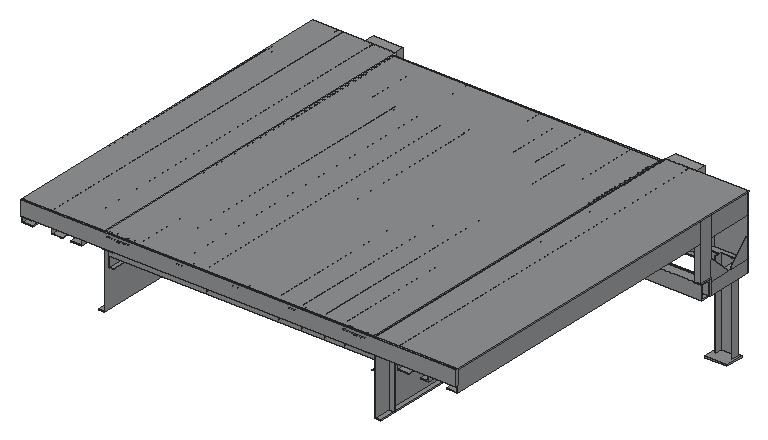
Revit family "ASSA_ABLOY_DockLeveler_DL6120TA", category Generic Models, Revit 2019 (continued)
Definition of nested family "DL6120TA_LevelerTop"
  Dimensions and locks
    "StrengthenerHeight": Sweep 25 sketch curve to curve 1
    Sweep 21 sketch curve to Sweep 21 sketch curve = 60 mm  (x8)
    "ReinforcementThickness": Sweep 21 sketch curve to Sweep 21 sketch curve  (x14)
    Sweep 21 sketch curve to Sweep 21 sketch curve = 2.61 mm
    Sweep 21 sketch curve to Sweep 21 sketch curve = 3 mm
    Sweep 22 sketch curve to Sweep 22 sketch curve = 60 mm  (x2)
    "ReinforcementThickness": Sweep 22 sketch curve to Sweep 22 sketch curve  (x4)
    locked: plane 4 "R" to plane 46 at 1
    locked: plane 47 to plane 5 "L" at 1
    locked: plane 48 to plane 5 "L" at 2
    locked: plane 4 "R" to plane 49 at 2
    locked: Extrusion 28 sketch curve to Extrusion 28 sketch curve at 129.568
    locked: Extrusion 28 sketch curve to Extrusion 28 sketch curve at 129
    Extrusion 28 sketch curve to Extrusion 28 sketch curve = 4 mm
    "Belvelment": Extrusion 28 sketch curve to Extrusion 28 sketch curve
    locked: Extrusion 28 sketch curve to Extrusion 28 sketch curve at 268
    locked: Extrusion 28 sketch curve to Extrusion 28 sketch curve at 13  (x2)
    locked: plane 50 "TearPlateLip500R" to plane 4 "R" at 17.5
    locked: plane 5 "L" to plane 51 "TearPlateLip500L" at 17.5
    "TearPlateThickness": curve 1 to Extrusion 29 sketch curve
    Extrusion 29 sketch curve to Extrusion 29 sketch curve = 250 mm
    Extrusion 29 sketch curve to Extrusion 29 sketch curve = 8 mm
    locked: Extrusion 30 sketch curve to Extrusion 30 sketch curve at 100  (x2)
    locked: Extrusion 30 sketch curve to Extrusion 30 sketch curve at 10  (x2)
    locked: plane 52 to plane 4 "R" at 77.5
    locked: plane 5 "L" to plane 53 at 77.5
    "LipSupportLength": Sweep 31 sketch curve to Sweep 31 sketch curve
    locked: Sweep 31 sketch curve to Extrusion 29 at 100
    Sweep 31 sketch curve to Sweep 31 sketch curve = 100 mm  (x4)
    equal spacing: Sweep 31 sketch curve, Sweep 31 sketch curve, Sweep 31 sketch curve, Sweep 31 sketch curve  (x6)
    Sweep 31 sketch curve to Sweep 31 sketch curve = 10 mm  (x4)
    Sweep 31 sketch curve to Sweep 31 sketch curve = 80 mm  (x2)
    Sweep 31 sketch curve to Sweep 31 sketch curve to Sweep 31 sketch curve to Sweep 31 sketch curve = 10 mm, 80 mm, 10 mm
    plane 50 "TearPlateLip500R" to plane 51 "TearPlateLip500L" = 1965 mm
    Sweep 31 sketch curve to plane 51 "TearPlateLip500L" = 10 mm  (x2)
    Sweep 31 sketch curve to plane 50 "TearPlateLip500R" = 10 mm  (x2)
    locked: Sweep 32 sketch curve to Sweep 32 sketch curve at 500
    locked: plane 54 to plane 3 "Center (Left/Right)" at 100
    locked: plane 3 "Center (Left/Right)" to plane 55 at 100
    "R2Lip": plane 56 "R2LIPR" to plane 3 "Center (Left/Right)"
    "R2Lip": plane 3 "Center (Left/Right)" to plane 57 "R2LIPL"
    "R3Lip": plane 58 "R3LIPR" to plane 3 "Center (Left/Right)"
    "R3Lip": plane 3 "Center (Left/Right)" to plane 59 "R3LIPL"
    "R4Lip": plane 60 "R4LIPR" to plane 3 "Center (Left/Right)"
    "R4Lip": plane 3 "Center (Left/Right)" to plane 61 "R4LIPL"
    Sweep 31 sketch curve to Sweep 31 sketch curve = 5 mm  (x8)
    equal spacing: Sweep 31 sketch curve, Sweep 31 sketch curve, Sweep 31 sketch curve  (x3)
    Sweep 31 sketch curve to Sweep 31 sketch curve to Sweep 31 sketch curve = 5 mm, 45 mm
    Sweep 31 sketch curve to Sweep 31 sketch curve to Sweep 31 sketch curve = 45 mm, 5 mm
    Sweep 31 sketch curve to Sweep 31 sketch curve to Sweep 31 sketch curve to Sweep 31 sketch curve = 5 mm, 90 mm, 5 mm  (x3)
    Sweep 31 sketch curve to Sweep 31 sketch curve = 90 mm
    Sweep 31 sketch curve to plane 56 "R2LIPR" to Sweep 31 sketch curve = 27.5 mm, 27.5 mm  (x2)
    Sweep 31 sketch curve to Sweep 31 sketch curve to Sweep 31 sketch curve = 5 mm, 90 mm  (x4)
    Sweep 31 sketch curve to Sweep 31 sketch curve to Sweep 31 sketch curve = 90 mm, 5 mm
    Sweep 31 sketch curve to plane 58 "R3LIPR" to Sweep 31 sketch curve = 27.5 mm, 27.5 mm  (x2)
    Sweep 31 sketch curve to plane 60 "R4LIPR" to Sweep 31 sketch curve = 27.5 mm, 27.5 mm  (x2)
    Sweep 31 sketch curve to plane 57 "R2LIPL" to Sweep 31 sketch curve = 27.5 mm, 27.5 mm  (x2)
    Sweep 31 sketch curve to plane 56 "R2LIPR" to Sweep 31 sketch curve = 2.5 mm, 2.5 mm
    Sweep 31 sketch curve to plane 58 "R3LIPR" to Sweep 31 sketch curve = 2.5 mm, 2.5 mm
    Sweep 31 sketch curve to plane 60 "R4LIPR" to Sweep 31 sketch curve = 2.5 mm, 2.5 mm
    Sweep 31 sketch curve to plane 57 "R2LIPL" to Sweep 31 sketch curve = 2.5 mm, 2.5 mm
    Sweep 31 sketch curve to plane 59 "R3LIPL" to Sweep 31 sketch curve = 2.5 mm, 2.5 mm
    Sweep 31 sketch curve to plane 61 "R4LIPL" to Sweep 31 sketch curve = 2.5 mm, 2.5 mm
    "LipRestPosition": Extrusion 28 sketch curve to Extrusion 5
    "LipRestPosition": Extrusion 30 sketch curve to Extrusion 5
    "StrengthenerLip500Position": Extrusion 5 to Sweep 31 sketch curve
    "IStrengthenerlip500Location": Extrusion 5 to Sweep 32 sketch curve
    locked: plane 62 to plane 1 "Center (Front/Back)" at 12
    "TaperedCutter": SweptBlend 33 sketch curve to SweptBlend 33 sketch curve
    locked: SweptBlend 33 sketch curve to plane 50 "TearPlateLip500R" at 10
    "LTwoUPNHeight": Extrusion 34 sketch curve to Extrusion 34 sketch curve
    locked: plane 67 to plane 4 "R" at 127.5
    locked: plane 67 to plane 68 at 65
    equal spacing: Extrusion 34, Extrusion 35 sketch curve, Extrusion 35 sketch curve, Extrusion 34
    Extrusion 35 sketch curve to Extrusion 35 sketch curve = 10 mm
    Extrusion 36 sketch curve to Extrusion 36 sketch curve = 12 mm
    "LTwoUPNHeight": Extrusion 37 sketch curve to Extrusion 37 sketch curve
    equal spacing: Extrusion 37, Extrusion 38 sketch curve, Extrusion 38 sketch curve, Extrusion 37
    Extrusion 38 sketch curve to Extrusion 38 sketch curve = 10 mm
    Extrusion 39 sketch curve to Extrusion 39 sketch curve = 12 mm
    locked: plane 5 "L" to plane 69 at 62.5
    locked: plane 69 to plane 70 at 65
    Extrusion 37 sketch curve to Extrusion 37 sketch curve = 42 mm
    locked: Extrusion 30 to Extrusion 34 sketch curve at 155
    Extrusion 34 sketch curve to Extrusion 34 sketch curve = 42 mm
    locked: Extrusion 30 to Extrusion 35 sketch curve at 161
    locked: Extrusion 30 to Extrusion 36 sketch curve at 155
    locked: Extrusion 30 to Extrusion 37 sketch curve at 155
    locked: Extrusion 38 sketch curve to Extrusion 38 sketch curve at 30
    locked: Extrusion 30 to Extrusion 38 sketch curve at 161
    locked: Extrusion 30 to Extrusion 39 sketch curve at 155
    plane 23 to plane 77 = 88.5 mm
    locked: Sweep 31 sketch curve to plane 22 at 23.5  (x2)
    locked: plane 23 to Sweep 31 sketch curve at 23.5  (x2)
    SweptBlend 40 sketch curve to SweptBlend 40 sketch curve = 230 mm
    "LipTapperedCutter": SweptBlend 40 sketch curve to Extrusion 5
    "LipTapperedCutter": SweptBlend 33 sketch curve to Extrusion 5
    SweptBlend 33 sketch curve to SweptBlend 33 sketch curve = 230 mm
    locked: plane 51 "TearPlateLip500L" to plane 78 at 10
    "TaperedCutter": SweptBlend 40 sketch curve to SweptBlend 40 sketch curve
    locked: plane 70 to plane 79 at 10
    Sweep 32 sketch curve to Sweep 32 sketch curve = 8 mm  (x2)
    plane 67 to plane 80 = 10 mm
    "ToeGuardLength": Extrusion 41 sketch curve to Extrusion 41 sketch curve
    locked: Extrusion 41 sketch curve to Extrusion 41 sketch curve at 100
    "ToeGuardHeight": Extrusion 41 sketch curve to Extrusion 41 sketch curve
    "StrengthenerHeight": curve 1 to Extrusion 41 sketch curve
    plane 81 to plane 5 "L" = 6 mm
    "ToeGuardLength": Extrusion 42 sketch curve to Extrusion 42 sketch curve
    locked: Extrusion 42 sketch curve to Extrusion 42 sketch curve at 100
    "ToeGuardHeight": Extrusion 42 sketch curve to Extrusion 42 sketch curve
    "StrengthenerHeight": curve 1 to Extrusion 42 sketch curve
    plane 4 "R" to plane 82 = 6 mm
    "ToeGuardLength": Extrusion 43 sketch curve to Extrusion 43 sketch curve
    locked: Extrusion 43 sketch curve to Extrusion 43 sketch curve at 100
    "ToeGuardHeight": Extrusion 43 sketch curve to Extrusion 43 sketch curve
    locked: plane 1 "Center (Front/Back)" to Extrusion 43 sketch curve at 26
    locked: plane 2 "Ground" to Extrusion 43 sketch curve at 170
    "ToeGuardLength": Extrusion 44 sketch curve to Extrusion 44 sketch curve
    locked: Extrusion 44 sketch curve to Extrusion 44 sketch curve at 100
    "ToeGuardHeight": Extrusion 44 sketch curve to Extrusion 44 sketch curve
    locked: plane 1 "Center (Front/Back)" to Extrusion 44 sketch curve at 26
    locked: plane 2 "Ground" to Extrusion 44 sketch curve at 170
    "LipSeelLocation": Extrusion 29 sketch curve to Extrusion 5
    "TearPlateThicknessWanted": curve 1 to Sweep 45 sketch curve
    Sweep 45 sketch curve to Sweep 45 sketch curve = 8 mm
    Sweep 45 sketch curve to curve 2 = 26 mm
    "Plate1000Location": Extrusion 5 to Sweep 45 sketch curve
    locked: plane 3 "Center (Left/Right)" to plane 84 at 111.5
    locked: plane 83 to plane 3 "Center (Left/Right)" at 111.5
    "STwo": plane 3 "Center (Left/Right)" to plane 85
    "STwo": plane 86 to plane 3 "Center (Left/Right)"
    "SThree": plane 3 "Center (Left/Right)" to plane 87
    "SThree": plane 88 to plane 3 "Center (Left/Right)"
    locked: plane 89 to plane 50 "TearPlateLip500R" at 221
    plane 51 "TearPlateLip500L" to plane 90 = 221 mm
    plane 91 to plane 5 "L" = 6 mm
    "LipLL1000CutterHeight": Sweep 46 sketch curve to Sweep 46 sketch curve
    "SFour": plane 93 to plane 3 "Center (Left/Right)"
    "SFour": plane 3 "Center (Left/Right)" to plane 92
    Sweep 46 sketch curve to plane 93 to Sweep 46 sketch curve = 6.5 mm, 6.5 mm
    Sweep 46 sketch curve to plane 92 to Sweep 46 sketch curve = 6.5 mm, 6.5 mm
    "LipHeightLocation": Extrusion 6 to Extrusion 28 sketch curve
    cut or joined group of Extrusion 28, SweptBlend 33, SweptBlend 40, Sweep 46 to Extrusion 27 = 518 mm
    "DockHeight": plane 8 "top" to plane 94
    angle curve 2 to curve 1 = 90.00°
    "PlatformAngle": angle curve 1 to plane 2 "Ground"
    angle Extrusion 28 sketch curve to Extrusion 28 sketch curve = 175.00°  (x2)
    locked: Extrusion 41 sketch curve to Extrusion 41 sketch curve (angle 90.00°)  (x2)
    locked: Extrusion 42 sketch curve to Extrusion 42 sketch curve (angle 90.00°)  (x2)
    locked: Extrusion 43 sketch curve to Extrusion 43 sketch curve (angle 90.00°)  (x2)
    locked: Extrusion 44 sketch curve to Extrusion 44 sketch curve (angle 90.00°)  (x2)
    aligned and locked: level to plane 2 "Ground"
    aligned and locked: plane 8 "top" to curve 1
    aligned and locked: plane 6 "Back" to curve 1
    aligned and locked: Extrusion 1 sketch curve to curve 1
    aligned and locked: curve 1 to Extrusion 1 sketch curve
    aligned and locked: curve 1 to Extrusion 2 sketch curve
    aligned and locked: Extrusion 2 sketch curve to curve 1
    aligned and locked: Extrusion 1 to plane 5 "L"
    aligned and locked: plane 4 "R" to Extrusion 1
    aligned and locked: Extrusion 2 to plane 5 "L"
    aligned and locked: plane 4 "R" to Extrusion 2
    aligned and locked: plane 4 "R" to Extrusion 3
    aligned and locked: Extrusion 3 to plane 9
    aligned and locked: Extrusion 4 to plane 10
    aligned and locked: plane 4 "R" to Extrusion 4
    aligned and locked: Extrusion 5 to plane 5 "L"
    aligned and locked: plane 11 to Extrusion 5
    aligned and locked: plane 12 to Extrusion 6
    aligned and locked: Extrusion 6 to plane 5 "L"
    aligned and locked: Extrusion 5 to Extrusion 7 sketch curve
    aligned and locked: plane 9 to Extrusion 7
    aligned and locked: Extrusion 7 to plane 13
    aligned and locked: Extrusion 8 to plane 11
    aligned and locked: Extrusion 8 to plane 14
    aligned and locked: plane 9 to Extrusion 9
    aligned and locked: plane 13 to Extrusion 9
    aligned and locked: Extrusion 10 to plane 11
    aligned and locked: Extrusion 10 to plane 14
    aligned and locked: Extrusion 11 to Extrusion 12 sketch curve  (x2)
    aligned and locked: cut or joined group of Extrusion 11, Extrusion 12, Extrusion 14 to plane 13
    aligned and locked: Extrusion 12 to plane 17
    aligned and locked: Extrusion 12 to plane 16
    aligned and locked: Extrusion 14 sketch curve to Extrusion 13  (x2)
    aligned and locked: cut or joined group of Extrusion 13, Extrusion 14 to plane 14
    aligned and locked: cut or joined group of Extrusion 13, Extrusion 14 to plane 18
    aligned and locked: Extrusion 14 to plane 20
    aligned and locked: Extrusion 14 to plane 19
    aligned and locked: Extrusion 14 sketch curve to cut or joined group of Extrusion 13, Extrusion 14  (x2)
    aligned and locked: Extrusion 12 sketch curve to cut or joined group of Extrusion 13, Extrusion 14  (x2)
    aligned and locked: Extrusion 11 to plane 15
    aligned and locked: plane 22 to Extrusion 15
    aligned and locked: Extrusion 15 to plane 23
    aligned and locked: plane 22 to Extrusion 16
    aligned and locked: Extrusion 16 to plane 24
    aligned and locked: Extrusion 15 to Extrusion 17
    aligned and locked: plane 25 to Extrusion 17
    aligned and locked: Extrusion 18 to plane 26
    aligned and locked: plane 27 to Extrusion 18
    aligned and locked: Extrusion 5 to Extrusion 8 sketch curve
    aligned and locked: Extrusion 20 to plane 28 "UPNR"
    aligned and locked: plane 29 "UPNL" to Extrusion 20
    aligned and locked: Extrusion 5 to Sweep 21 sketch curve
    aligned and locked: Extrusion 5 to Sweep 22 sketch curve
    aligned and locked: plane 9 to Extrusion 23
    aligned and locked: Extrusion 23 to plane 40
    aligned and locked: Extrusion 24 to plane 11
    aligned and locked: Extrusion 24 to plane 41
    aligned and locked: Sweep 25 sketch curve to plane 43
    aligned and locked: plane 42 to Sweep 25 sketch curve
    aligned and locked: plane 45 to Sweep 25 sketch curve
    aligned and locked: Sweep 25 sketch curve to plane 44
    aligned and locked: Sweep 21 sketch curve to Sweep 25  (x7)
    aligned and locked: Extrusion 2 to Sweep 21 sketch curve  (x4)
    aligned and locked: plane 31 "R2" to Sweep 21 sketch curve
    aligned and locked: plane 32 "R3" to Sweep 21 sketch curve
    aligned and locked: plane 33 "Rext" to Sweep 21 sketch curve
    aligned and locked: Sweep 21 sketch curve to plane 34 "R6"
    aligned and locked: Sweep 21 sketch curve to plane 35 "R7"
    aligned and locked: Sweep 21 sketch curve to plane 36 "R8"
    aligned and locked: Sweep 21 sketch curve to plane 37 "R9"
    aligned and locked: Sweep 25 to Sweep 21 sketch curve  (x2)
    aligned and locked: Sweep 21 sketch curve to Extrusion 2  (x4)
    aligned and locked: Sweep 22 sketch curve to Sweep 25  (x2)
    aligned and locked: Sweep 22 sketch curve to plane 39
    aligned and locked: Sweep 22 sketch curve to Extrusion 2
    aligned and locked: Sweep 25 to Sweep 22 sketch curve
    aligned and locked: plane 38 to Sweep 22 sketch curve
    aligned and locked: Extrusion 2 to Sweep 22 sketch curve
    aligned and locked: Extrusion 26 sketch curve to Extrusion 5  (x2)
    aligned and locked: Extrusion 5 to Extrusion 26 sketch curve
    aligned and locked: Extrusion 26 to plane 4 "R"
    aligned and locked: plane 46 to Extrusion 26
    aligned and locked: plane 5 "L" to Extrusion 27
    aligned and locked: Extrusion 27 to plane 47
    aligned and locked: Extrusion 26 to plane 46
    aligned and locked: Extrusion 28 to plane 50 "TearPlateLip500R"
    aligned and locked: plane 51 "TearPlateLip500L" to Extrusion 28
    aligned and locked: plane 51 "TearPlateLip500L" to Extrusion 29
    aligned and locked: Extrusion 29 to plane 50 "TearPlateLip500R"
    aligned and locked: Extrusion 30 sketch curve to Extrusion 28
    aligned and locked: plane 52 to Extrusion 30
    aligned and locked: plane 53 to Extrusion 30
    aligned and locked: Extrusion 29 to Sweep 31 sketch curve  (x9)
    aligned and locked: Sweep 31 to Sweep 32 sketch curve  (x3)
    aligned and locked: Sweep 32 sketch curve to Sweep 31  (x2)
    aligned and locked: Sweep 31 sketch curve to Extrusion 29
    aligned and locked: Sweep 31 sketch curve to plane 54
    aligned and locked: Sweep 31 sketch curve to plane 55
    aligned and locked: plane 50 "TearPlateLip500R" to SweptBlend 33 sketch curve
    aligned and locked: SweptBlend 33 sketch curve to plane 22
    aligned and locked: Extrusion 34 sketch curve to Sweep 31
    aligned and locked: Extrusion 34 to plane 68
    aligned and locked: plane 67 to Extrusion 34
    aligned and locked: Extrusion 35 sketch curve to Extrusion 34
    aligned and locked: plane 67 to Extrusion 35
    aligned and locked: Extrusion 35 to plane 68
    aligned and locked: Extrusion 36 sketch curve to Extrusion 35  (x2)
    aligned and locked: Extrusion 36 to plane 68
    aligned and locked: plane 67 to Extrusion 36
    aligned and locked: Extrusion 37 to Extrusion 38 sketch curve
    aligned and locked: Extrusion 39 sketch curve to Extrusion 38  (x2)
    aligned and locked: Extrusion 39 sketch curve to Extrusion 37
    aligned and locked: Extrusion 39 to plane 69
    aligned and locked: plane 70 to Extrusion 39
    aligned and locked: Extrusion 37 to plane 69
    aligned and locked: plane 70 to Extrusion 37
    aligned and locked: Extrusion 37 sketch curve to Sweep 31
    aligned and locked: SweptBlend 40 sketch curve to plane 23
    aligned and locked: SweptBlend 40 sketch curve to plane 51 "TearPlateLip500L"
    aligned and locked: Extrusion 38 to plane 69
    aligned and locked: plane 70 to Extrusion 38
    aligned and locked: Extrusion 19 to plane 77
    aligned and locked: SweptBlend 40 sketch curve to plane 78
    aligned and locked: Sweep 32 sketch curve to plane 79
    aligned and locked: Sweep 32 sketch curve to plane 80
    aligned and locked: Extrusion 41 sketch curve to Extrusion 5
    aligned and locked: plane 5 "L" to Extrusion 41
    aligned and locked: Extrusion 41 to plane 81
    aligned and locked: Extrusion 42 sketch curve to Extrusion 5
    aligned and locked: Extrusion 42 to plane 4 "R"
    aligned and locked: plane 82 to Extrusion 42
    aligned and locked: Extrusion 44 to plane 4 "R"
    aligned and locked: plane 82 to Extrusion 44
    aligned and locked: plane 51 "TearPlateLip500L" to Sweep 45 sketch curve
    aligned and locked: Sweep 45 sketch curve to plane 50 "TearPlateLip500R"
    aligned and locked: plane 5 "L" to Extrusion 43
    aligned and locked: Extrusion 43 to plane 91
    aligned and locked: Sweep 31 to Sweep 46 sketch curve
    aligned and locked: Sweep 46 sketch curve to Sweep 31
    aligned and locked: plane 51 "TearPlateLip500L" to Extrusion 47
    aligned and locked: Extrusion 47 to plane 50 "TearPlateLip500R"
  Automatic sketch dimensions
    plane 6 "Back" to Extrusion 16 sketch curve = 16.16 mm
    Extrusion 16 sketch curve to level = 19.478 mm
    plane 6 "Back" to Extrusion 17 sketch curve = 16.117 mm
    Extrusion 17 sketch curve to level = 19.478 mm
    plane 6 "Back" to Extrusion 18 sketch curve = 16.117 mm
    Extrusion 18 sketch curve to level = 19.478 mm
    plane 6 "Back" to Extrusion 19 sketch curve = 16.117 mm
    Extrusion 19 sketch curve to level = 19.478 mm
    Extrusion 26 sketch curve to curve 1 = 60 mm
    Extrusion 27 sketch curve to curve 1 = 10 mm
    curve 1 to Extrusion 27 sketch curve = 40 mm
    Extrusion 27 sketch curve to curve 1 = 26 mm
    curve 1 to Extrusion 27 sketch curve = 60 mm
    Sweep 25 sketch curve to profile plane = 0 mm  (x4)
    Extrusion 35 sketch curve to Extrusion 35 sketch curve = 30 mm
    profile plane to SweptBlend 40 sketch curve = 749.945 mm
    SweptBlend 40 sketch curve to profile plane = 375.64 mm
    profile plane to SweptBlend 33 sketch curve = 762.989 mm
    SweptBlend 33 sketch curve to profile plane = 358.631 mm
    Extrusion 47 sketch curve to curve 1 = 28 mm
    curve 1 to Extrusion 47 sketch curve = 69 mm
    Extrusion 47 sketch curve to Extrusion 47 sketch curve = 4 mm  (x2)
    Extrusion 47 sketch curve to curve 1 = 0 mm
    curve 1 to Extrusion 47 sketch curve = 4 mm
    curve 1 to Extrusion 1 sketch curve = 0 mm
    curve 1 to Extrusion 2 sketch curve = 0 mm
    curve 1 to Extrusion 4 sketch curve = 40 mm
    Extrusion 4 sketch curve to curve 1 = 32 mm
    curve 1 to Extrusion 5 sketch curve = 40 mm
    curve 1 to Extrusion 6 sketch curve = 40 mm
    Extrusion 6 sketch curve to curve 1 = 32 mm
    curve 1 to Extrusion 8 sketch curve = 10 mm
    Sweep 21 sketch curve to plane 30 "R1" = 0 mm
    plane 33 "Rext" to Sweep 21 sketch curve = 2.61 mm
    Extrusion 23 sketch curve to Extrusion 23 sketch curve = 0 mm  (x2)
    Extrusion 24 sketch curve to Extrusion 24 sketch curve = 0 mm  (x2)
    Sweep 31 sketch curve to profile plane = 0 mm  (x3)
    Sweep 31 sketch curve to profile plane = 5 mm  (x4)
    Sweep 31 sketch curve to profile plane = 10 mm
    Sweep 31 sketch curve to Sweep 31 sketch curve = 0 mm  (x5)
    Sweep 31 sketch curve to Sweep 31 sketch curve = 5 mm
    Sweep 31 sketch curve to Sweep 31 sketch curve = 45 mm  (x4)
    Sweep 31 sketch curve to Sweep 31 sketch curve = 10 mm  (x2)
    Sweep 31 sketch curve to Sweep 31 sketch curve = 25 mm  (x8)
    curve 1 to SweptBlend 33 sketch curve = 8 mm
    profile plane to SweptBlend 33 sketch curve = 787.49 mm
    SweptBlend 33 sketch curve to profile plane = 339.596 mm
    curve 1 to SweptBlend 40 sketch curve = 6.75 mm
    profile plane to SweptBlend 40 sketch curve = 772.498 mm
    SweptBlend 40 sketch curve to profile plane = 353.103 mm
    Sweep 45 sketch curve to profile plane = 0 mm  (x9)
    Sweep 45 sketch curve to Sweep 45 sketch curve = 540 mm  (x2)
    plane 86 to Sweep 45 sketch curve = 6.5 mm
    Sweep 45 sketch curve to Sweep 45 sketch curve = 0 mm  (x7)
    plane 88 to Sweep 45 sketch curve = 6.5 mm
    plane 89 to Sweep 45 sketch curve = 6.5 mm
    plane 90 to Sweep 45 sketch curve = 6.5 mm
    Sweep 45 sketch curve to plane 90 = 6.5 mm
    Sweep 45 sketch curve to plane 88 = 6.5 mm
    Sweep 45 sketch curve to plane 86 = 6.5 mm
    Sweep 45 sketch curve to plane 83 = 6.5 mm
    plane 83 to Sweep 45 sketch curve = 6.5 mm
    Sweep 45 sketch curve to plane 84 = 6.5 mm
    plane 84 to Sweep 45 sketch curve = 6.5 mm
    Sweep 45 sketch curve to plane 85 = 6.5 mm
    plane 85 to Sweep 45 sketch curve = 6.5 mm
    Sweep 45 sketch curve to plane 87 = 6.5 mm
    plane 87 to Sweep 45 sketch curve = 6.5 mm
    Sweep 45 sketch curve to plane 89 = 6.5 mm
    profile plane to Sweep 46 sketch curve = 6.04 mm  (x2)
    Sweep 46 sketch curve to profile plane = 544.356 mm  (x2)
    radius of Extrusion 16 sketch curve = 12 mm
    radius of Extrusion 17 sketch curve = 12 mm
    radius of Extrusion 18 sketch curve = 21 mm
    radius of Extrusion 19 sketch curve = 21 mm
    radius of Extrusion 23 sketch curve = 22.5 mm
    radius of Extrusion 23 sketch curve = 17.5 mm
    radius of Extrusion 24 sketch curve = 22.5 mm
    radius of Extrusion 24 sketch curve = 17.5 mm
Types (3, lengths in mm): name | Version | URL | RestingPosition | NominalWidthWanted | NominalWidth | LipType | LevelerWidthWanted | LevelerWidth | LTwoUPNHeight | LThirtyOne | LTen | LNine | LElevenHeight | InstallationAngleWanted | InstallationAngleRight | InstallationAngleLeft | InstallationAngle | CentreFront | BetweenPlinth
  DL6120TA_LipSteelLL500 | 0 | 0 | no | 3600 | 3600 | DL6120TA_LevelerTop : DL6120TA_LipSteelLL500 | 2200 | 2200 | 135 | 585 | 400 | 973 | 187 | 120.00° | 60.00° | 85.00° | 120.00° | 302 | 3250
  DL6120TA_LipErgoSteelLL345 | 0 | 0 | no | 3300 | 3300 | DL6120TA_LevelerTop : DL6120TA_LipErgoSteelLL345 | 2000 | 2000 | 135 | 535 | 360 | 873 | 187 | 45.00° | 85.00° | 45.00° | 45.00° | 302 | 2950
  DL6120TA_LipSteelLL1000 | 2 | "https://www.assaabloyentrance.com/global/en/solutions/products/loading-dock-equipment/dock-levelers/assa-abloy-dl6120ta-teledock-autodock" | yes | 3600 | 3600 | DL6120TA_LevelerTop : DL6120TA_LipSteelLL1000 | 2200 | 2200 | 191 | 585 | 400 | 973 | 149 | 120.00° | 60.00° | 85.00° | 120.00° | 264 | 3250
